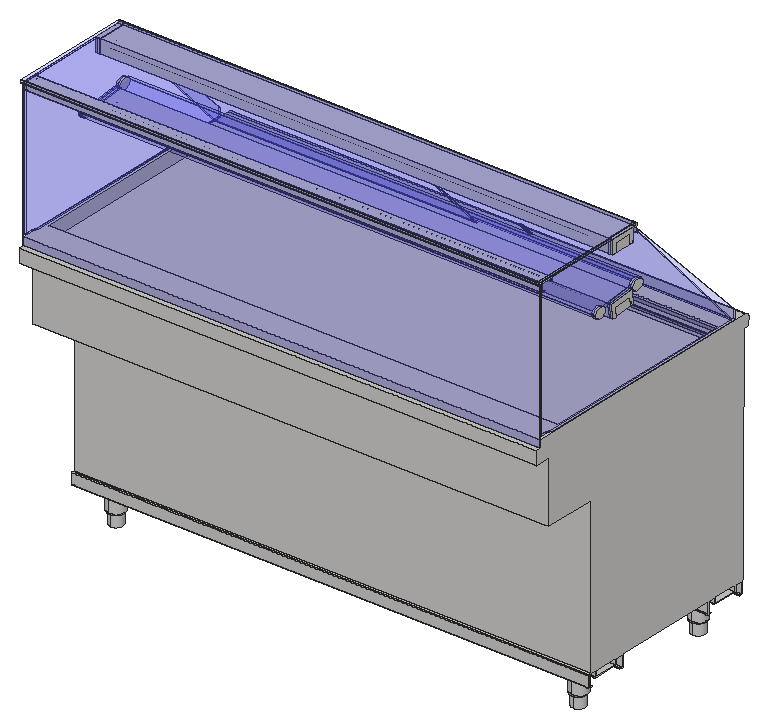
Revit family "Food-Service-Equipment_Oscartek_Gem_S3-DP1700", category Specialty Equipment, Revit 2026
Family settings
  Round Connector Dimension = Use Diameter
  Part Type = Normal
  Classification Number = 23.40.40.11.17
  Work Plane-Based = No
  Enable Cutting in Views = No
  Always vertical = Yes
  Cut with Voids When Loaded = No
  Maintain Annotation Orientation = No
  Shared = No
  Room Calculation Point = No
Parameters
  Width = 67"  # constant formula
  Weight in Pounds = 412
  Watts = Volts * FL Amps  # 1440 W
  Waste Water Discharge Temperature [instance] = -459.67 °F
  Volts = 120 V
  URL Cutsheet = "www.oscartek.com"
  URL = "www.oscartek.com"
  Type Mark [instance] = ""
  Type Comments = "As Specified"
  Test Data = "http://www.oscartek.com/company/clients.php"
  Status [instance] = ""
  Specification by User [instance] = ""
  Specification by Manufacturer = ""
  Specification = "https://www.arcat.com/arcatcos/cos48/arc48760.html"
  Show Clearance [instance] = yes
  Serial Number = ""
  Seismic Rating = ""
  Sales Information = "http://www.oscartek.com/company/contact.php"
  SMACNA No = ""
  Revision Code [instance] = ""
  Revision = "R1_2018-10"
  Refrigerant Type [instance] = "R404A"
  Product Data = "http://www.oscartek.com/support/manuals/"
  Plumbing Remarks [instance] = ""
  Plumbing Connection Type [instance] = ""
  Phase = 1
  Omniclass Number and Title = ""
  Number of Poles [instance] = 1
  NAFEM Spec ID Number = ""
  Model = "GEM S3 DP1700"
  Min Ckt Ampacity = 0 A
  Max Overcurrent Protection = 0 A
  Masterspec = ""
  Manufacturer Website = "http://www.oscartek.com/index.php"
  Manufacturer Phone - Toll Free = "855-885-2400"
  Manufacturer Phone = "650-342-2400"
  Manufacturer Fax = "650-342-7400"
  Manufacturer Address = "361 Beach Rd., Burlingame, CA 94010"
  Manufacturer = "OSCARTEK"
  Light Length = Width - 2"  # 65"
  Item Number [instance] = ""
  Installed By [instance] = ""
  Installation-Fabrication = "http://www.oscartek.com/support/manuals/"
  Indirect Waste Size = 1"
  Indirect Waste Flow [instance] = 0 GPM
  Indirect Waste Connection Type [instance] = ""
  Indirect Waste Connection Height = 0"
  Identify Quantity as Lot [instance] = yes
  HP = ""
  Green Building-LEED = "https://www.arcat.com/green/green_building.shtml"
  Furnished By [instance] = ""
  Foodservice Equipment Identifier [instance] = yes
  FL Amps = 12 A
  Electrical Remarks [instance] = ""
  Electric Connection Type [instance] = ""
  Elec Conn RI Height [instance] = 0"
  Elec Conn Connection Height [instance] = 0"
  Drawn By = "Sumex Design, Inc. / Robert S. Weygant, CSI, CDT, SCIP"
  Description = "GEM S3 DELI/PASTRY SHOWCASE"
  Default Elevation = 0"
  Cycle = 60 Hz
  Copyright = "©Arcat Inc."
  Construction Details = "http://www.oscartek.com/support/manuals/"
  Conn Plug = ""
  Conn Conduit = yes
  Category = ""
  CSI MasterFormat = "11 41 13"
  CSI Master Format = "Refrigerated Food Storage Cases"
  Building Codes = "https://www.arcat.com/arcatcos/cos48/arc48760.html"
  Apparent Power = if(Phase = 3, Volts * FL Amps * 1.73, Volts * FL Amps)  # 1440 VA
Reference planes (in)
  plane 1 "BACK": y = 0
  plane 2: z = 0
  plane 3 "LEFT": x = 0
  plane 4 "RIGHT": x = 67
  plane 5 "FRONT": y = -34.25
  plane 6 "TOP": z = 55.11615
  plane 7 "Center Y": x = 33.5
  plane 8 "Center X": y = -17.125
Forms (in)
  Extrusion 1, solid, material "QF_Finishes_Stainless Steel"
    sketch origin (0, -34.25, 0) x (0, -1, 0) y (0, 0, -1)
      loop
        line (-34.25, -35.07867) -> (-34.25, -36.22827)
        arc (-34.25, -36.22827) -> (-34.12546, -36.52893) -> (-33.8248, -36.65347) r 0.4252
        line (-33.8248, -36.65347) -> (-30.11654, -36.65347) -> (-30.11654, -36.27119) -> (-31.4941, -34.89363) -> (-31.4941, -27.60554) -> (-30.11654, -27.62525) -> (-30.11654, -34.38787) -> (-29.6155, -34.88891) -> (-5.14997, -34.88891) -> (-5.14997, -35.23261) -> (-3.97447, -35.23261) -> (-3.97447, -36.65347) -> (-0.62822, -36.65347) -> (-0.62822, -35.63992) -> (0, -35.63992) -> (0, -33.87788) -> (-1.9666, -33.87788) -> (-1.9666, -25.9842) -> (-8.77761, -25.9842) -> (-8.77761, -5.9055) -> (-8.45084, -5.9055)
        arc (-8.45084, -5.9055) -> (-8.40351, -5.8859) -> (-8.38391, -5.83857) r 0.06693
        line (-8.38391, -5.83857) -> (-8.38391, -4.44094)
        arc (-8.38391, -4.44094) -> (-8.40351, -4.39361) -> (-8.45084, -4.37401) r 0.06693
        line (-8.45084, -4.37401) -> (-8.80517, -4.37401) -> (-8.80517, -4.43306) -> (-8.44297, -4.43306) -> (-8.44297, -5.84644) -> (-9.46265, -5.84644) -> (-9.46265, -5.16928)
        arc (-9.46265, -5.16928) -> (-9.48225, -5.12196) -> (-9.52958, -5.10235) r 0.06693
        line (-9.52958, -5.10235) -> (-12.75004, -5.10235)
        arc (-12.75004, -5.10235) -> (-12.79737, -5.12196) -> (-12.81697, -5.16928) r 0.06693
        line (-12.81697, -5.16928) -> (-12.81697, -5.84644) -> (-13.83666, -5.84644) -> (-13.83666, -4.43306) -> (-13.47445, -4.43306) -> (-13.47445, -4.37401) -> (-13.82878, -4.37401)
        arc (-13.82878, -4.37401) -> (-13.87611, -4.39361) -> (-13.89571, -4.44094) r 0.06693
        line (-13.89571, -4.44094) -> (-13.89571, -5.9055) -> (-27.75395, -5.9055) -> (-27.75395, -4.44094)
        arc (-27.75395, -4.44094) -> (-27.77355, -4.39361) -> (-27.82088, -4.37401) r 0.06693
        line (-27.82088, -4.37401) -> (-28.17521, -4.37401) -> (-28.17521, -4.43306) -> (-27.81301, -4.43306) -> (-27.81301, -5.84644) -> (-28.83269, -5.84644) -> (-28.83269, -5.16928)
        arc (-28.83269, -5.16928) -> (-28.85229, -5.12196) -> (-28.89962, -5.10235) r 0.06693
        line (-28.89962, -5.10235) -> (-32.12008, -5.10235)
        arc (-32.12008, -5.10235) -> (-32.16741, -5.12196) -> (-32.18701, -5.16928) r 0.06693
        line (-32.18701, -5.16928) -> (-32.18701, -5.84644) -> (-33.2067, -5.84644) -> (-33.2067, -4.43306) -> (-32.84449, -4.43306) -> (-32.84449, -4.37401) -> (-33.26575, -4.37401) -> (-33.26575, -5.9055) -> (-33.38386, -5.9055) -> (-33.38386, -25.9842) -> (-33.4626, -25.9842) -> (-33.4626, -35.07867) -> (-34.25, -35.07867)
      loop
        line (-30.02982, -35.3543) -> (-29.95954, -35.28403) -> (-30.70374, -34.53983) -> (-30.70374, -32.90598) -> (-30.76997, -32.90598) -> (-30.76997, -34.61415) -> (-30.02982, -35.3543)
      loop
        line (-9.52958, -5.16928) -> (-12.75649, -5.16928) -> (-12.75649, -5.9055) -> (-9.52958, -5.9055) -> (-9.52958, -5.16928)
      loop
        line (-28.89962, -5.16928) -> (-32.13207, -5.16928) -> (-32.13207, -5.9055) -> (-28.89962, -5.9055) -> (-28.89962, -5.16928)
    from 0 to 67
  Extrusion 2, solid, material "QF_Finishes_Stainless Steel"
    sketch origin (0, -34.25, 0) x (0, -1, 0) y (0, 0, -1)
      loop
        line (-34.25, -35.07867) -> (-34.25, -36.22827)
        arc (-34.25, -36.22827) -> (-34.12546, -36.52893) -> (-33.8248, -36.65347) r 0.4252
        line (-33.8248, -36.65347) -> (-0.62822, -36.65347) -> (-0.62822, -35.63992) -> (0, -35.63992) -> (0, -33.87788) -> (-1.9666, -33.87788) -> (-1.9666, -25.9842) -> (-33.4626, -25.9842) -> (-33.4626, -35.07867) -> (-34.25, -35.07867)
      loop
        line (-14.13014, -52.97245) -> (-15.43488, -52.97245) -> (-15.43488, -53.33662) -> (-15.51362, -53.33662) -> (-15.51362, -54.62161) -> (-16.09968, -54.62161) -> (-16.09968, -55.03502) -> (-15.98252, -55.03502) -> (-15.98252, -54.72245) -> (-12.27709, -54.72245) -> (-12.27709, -52.97245) -> (-14.13014, -52.97245)
      loop
        line (-15.58432, -45.80025) -> (-15.40139, -47.54067) -> (-12.17303, -47.20135) -> (-12.35596, -45.46094) -> (-15.58432, -45.80025)
      loop
        spline (-9.50933, -47.00051) -> (-9.55186, -46.8513) -> (-9.64458, -46.71785) -> (-9.78117, -46.60924) -> (-9.95232, -46.53288) -> (-10.14637, -46.49397) -> (-10.3501, -46.49516) -> (-10.54961, -46.53637) -> (-10.73132, -46.6148) -> (-10.88284, -46.7251) -> (-10.99385, -46.85975) -> (-11.05678, -47.00957) -> (-11.06734, -47.16436)
        spline (-11.06734, -47.16436) -> (-11.02481, -47.31357) -> (-10.93209, -47.44702) -> (-10.7955, -47.55563) -> (-10.62435, -47.63199) -> (-10.4303, -47.67091) -> (-10.22657, -47.66971) -> (-10.02706, -47.6285) -> (-9.84535, -47.55007) -> (-9.69382, -47.43977) -> (-9.58282, -47.30513) -> (-9.51989, -47.1553) -> (-9.50933, -47.00051)
      loop
        spline (-15.57825, -47.63838) -> (-15.62078, -47.48917) -> (-15.7135, -47.35572) -> (-15.85009, -47.24711) -> (-16.02124, -47.17075) -> (-16.21529, -47.13183) -> (-16.41902, -47.13303) -> (-16.61853, -47.17424) -> (-16.80024, -47.25267) -> (-16.95177, -47.36297) -> (-17.06277, -47.49761) -> (-17.1257, -47.64744) -> (-17.13626, -47.80223)
        spline (-17.13626, -47.80223) -> (-17.09373, -47.95144) -> (-17.00101, -48.08489) -> (-16.86442, -48.1935) -> (-16.69327, -48.26986) -> (-16.49922, -48.30877) -> (-16.29549, -48.30758) -> (-16.09598, -48.26637) -> (-15.91427, -48.18794) -> (-15.76274, -48.07764) -> (-15.65174, -47.94299) -> (-15.58881, -47.79317) -> (-15.57825, -47.63838)
    from 0 to 0.5
  Extrusion 3, solid, material "QF_Finishes_Stainless Steel"
    sketch origin (67, 0, 0) x (0, -1, 0) y (0, 0, -1)
      loop
        line (0, -35.07867) -> (0, -36.22827)
        arc (0, -36.22827) -> (0.12454, -36.52893) -> (0.4252, -36.65347) r 0.4252
        line (0.4252, -36.65347) -> (33.62178, -36.65347) -> (33.62178, -35.59702) -> (34.25, -35.59702) -> (34.25, -33.87788) -> (32.2834, -33.87788) -> (32.2834, -25.9842) -> (0.7874, -25.9842) -> (0.7874, -35.07867) -> (0, -35.07867)
      loop
        line (21.97291, -52.97245) -> (20.11986, -52.97245) -> (18.73638, -52.97245) -> (18.73638, -54.62161) -> (18.15032, -54.62161) -> (18.15032, -55.03502) -> (18.26748, -55.03502) -> (18.26748, -54.72245) -> (21.97291, -54.72245) -> (21.97291, -52.97245)
      loop
        spline (23.18266, -47.16436) -> (23.22519, -47.31357) -> (23.31791, -47.44702) -> (23.4545, -47.55563) -> (23.62565, -47.63199) -> (23.8197, -47.67091) -> (24.02343, -47.66971) -> (24.22294, -47.6285) -> (24.40465, -47.55007) -> (24.55618, -47.43977) -> (24.66718, -47.30513) -> (24.73011, -47.1553) -> (24.74067, -47.00051)
        spline (24.74067, -47.00051) -> (24.69814, -46.8513) -> (24.60542, -46.71785) -> (24.46883, -46.60924) -> (24.29768, -46.53288) -> (24.10363, -46.49397) -> (23.8999, -46.49516) -> (23.70039, -46.53637) -> (23.51868, -46.6148) -> (23.36716, -46.7251) -> (23.25615, -46.85975) -> (23.19322, -47.00957) -> (23.18266, -47.16436)
      loop
        spline (17.11374, -47.80223) -> (17.15627, -47.95144) -> (17.24899, -48.08489) -> (17.38558, -48.1935) -> (17.55673, -48.26986) -> (17.75078, -48.30877) -> (17.95451, -48.30758) -> (18.15402, -48.26637) -> (18.33573, -48.18794) -> (18.48726, -48.07764) -> (18.59826, -47.94299) -> (18.66119, -47.79317) -> (18.67175, -47.63838)
        spline (18.67175, -47.63838) -> (18.62922, -47.48917) -> (18.5365, -47.35572) -> (18.39991, -47.24711) -> (18.22876, -47.17075) -> (18.03471, -47.13183) -> (17.83098, -47.13303) -> (17.63147, -47.17424) -> (17.44976, -47.25267) -> (17.29823, -47.36297) -> (17.18723, -47.49761) -> (17.1243, -47.64744) -> (17.11374, -47.80223)
      loop
        line (18.84861, -47.54067) -> (22.07697, -47.20135) -> (21.89404, -45.46094) -> (18.66568, -45.80025) -> (18.84861, -47.54067)
    from 0 to -0.5
  Revolve 4, solid, material "QF_Finishes_Stainless Steel"
    sketch origin (3.5, -34.25, 0) x (0, -1, 0) y (0, 0, -1)
      loop
        line (-11.13981, 0) -> (-11.13981, -5.10235) -> (-10.03745, -5.10235) -> (-10.03745, -1.62983)
        arc (-10.03745, -1.62983) -> (-10.08124, -1.5241) -> (-10.18697, -1.48031) r 0.14952
        line (-10.18697, -1.48031) -> (-10.27367, -1.48031) -> (-10.27367, 0) -> (-11.13981, 0)
      axis (-11.13981, -5.10235) -> (-11.13981, 0)
    angle from 0 to 360
  Revolve 5, solid, material "QF_Finishes_Stainless Steel"
    sketch origin (3.5, -14.87996, 0) x (0, -1, 0) y (0, 0, -1)
      loop
        line (-11.13981, 0) -> (-11.13981, -5.10235) -> (-10.03745, -5.10235) -> (-10.03745, -1.62983)
        arc (-10.03745, -1.62983) -> (-10.08124, -1.5241) -> (-10.18697, -1.48031) r 0.14952
        line (-10.18697, -1.48031) -> (-10.27367, -1.48031) -> (-10.27367, 0) -> (-11.13981, 0)
      axis (-11.13981, -5.10235) -> (-11.13981, 0)
    angle from 0 to 360
  Revolve 6, solid, material "QF_Finishes_Stainless Steel"
    sketch origin (63.5, -34.25, 0) x (0, -1, 0) y (0, 0, 1)
      loop
        line (-11.13981, 0) -> (-10.27367, 0) -> (-10.27367, 1.48031) -> (-10.18697, 1.48031)
        arc (-10.18697, 1.48031) -> (-10.08124, 1.5241) -> (-10.03745, 1.62983) r 0.14952
        line (-10.03745, 1.62983) -> (-10.03745, 5.10235) -> (-11.13981, 5.10235) -> (-11.13981, 0)
      axis (-11.13981, 5.10235) -> (-11.13981, 0)
    angle from 0 to 360
  Revolve 7, solid, material "QF_Finishes_Stainless Steel"
    sketch origin (63.5, -14.87996, 0) x (0, -1, 0) y (0, 0, 1)
      loop
        line (-11.13981, 0) -> (-10.27367, 0) -> (-10.27367, 1.48031) -> (-10.18697, 1.48031)
        arc (-10.18697, 1.48031) -> (-10.08124, 1.5241) -> (-10.03745, 1.62983) r 0.14952
        line (-10.03745, 1.62983) -> (-10.03745, 5.10235) -> (-11.13981, 5.10235) -> (-11.13981, 0)
      axis (-11.13981, 5.10235) -> (-11.13981, 0)
    angle from 0 to 360
  Extrusion 8, solid, material "Glass"
    sketch origin (0, -34.25, 0) x (0, -1, 0) y (0, 0, -1)
      loop
        line (-0.03767, -54.72245) -> (-15.98252, -54.72245) -> (-15.98252, -55.11615) -> (-0.03767, -55.11615) -> (-0.03767, -54.72245)
      loop
        line (-0.62822, -35.6661) -> (-0.62822, -54.5256) -> (-0.392, -54.5256) -> (-0.392, -35.6661) -> (-0.62822, -35.6661)
    from 0 to 67
  Extrusion 9, solid, material "Glass"
    sketch origin (0, -34.25, 0) x (0, -1, 0) y (0, 0, -1)
      loop
        arc (-0.75014, -36.92906) -> (-0.7732, -36.87338) -> (-0.82888, -36.85032) r 0.07874
        line (-0.82888, -36.85032) -> (-1.63877, -36.85032)
        arc (-1.63877, -36.85032) -> (-2.14064, -36.80062) -> (-2.62302, -36.65347) r 2.55905
        line (-2.62302, -36.65347) -> (-32.24631, -36.65347) -> (-32.24631, -37.83457) -> (-16.00137, -54.62161) -> (-15.51362, -54.62161) -> (-15.51362, -53.33662) -> (-15.43488, -53.33662) -> (-15.43488, -52.97245) -> (-14.13014, -52.97245) -> (-12.27709, -52.97245) -> (-12.27709, -54.72245) -> (-0.75014, -54.72245) -> (-0.75014, -36.92906)
      loop
        spline (-9.50933, -47.00051) -> (-9.55186, -46.8513) -> (-9.64458, -46.71785) -> (-9.78117, -46.60924) -> (-9.95232, -46.53288) -> (-10.14637, -46.49397) -> (-10.3501, -46.49516) -> (-10.54961, -46.53637) -> (-10.73132, -46.6148) -> (-10.88284, -46.7251) -> (-10.99385, -46.85975) -> (-11.05678, -47.00957) -> (-11.06734, -47.16436)
        spline (-11.06734, -47.16436) -> (-11.02481, -47.31357) -> (-10.93209, -47.44702) -> (-10.7955, -47.55563) -> (-10.62435, -47.63199) -> (-10.4303, -47.67091) -> (-10.22657, -47.66971) -> (-10.02706, -47.6285) -> (-9.84535, -47.55007) -> (-9.69382, -47.43977) -> (-9.58282, -47.30513) -> (-9.51989, -47.1553) -> (-9.50933, -47.00051)
      loop
        spline (-15.57825, -47.63838) -> (-15.62078, -47.48917) -> (-15.7135, -47.35572) -> (-15.85009, -47.24711) -> (-16.02124, -47.17075) -> (-16.21529, -47.13183) -> (-16.41902, -47.13303) -> (-16.61853, -47.17424) -> (-16.80024, -47.25267) -> (-16.95177, -47.36297) -> (-17.06277, -47.49761) -> (-17.1257, -47.64744) -> (-17.13626, -47.80223)
        spline (-17.13626, -47.80223) -> (-17.09373, -47.95144) -> (-17.00101, -48.08489) -> (-16.86442, -48.1935) -> (-16.69327, -48.26986) -> (-16.49922, -48.30877) -> (-16.29549, -48.30758) -> (-16.09598, -48.26637) -> (-15.91427, -48.18794) -> (-15.76274, -48.07764) -> (-15.65174, -47.94299) -> (-15.58881, -47.79317) -> (-15.57825, -47.63838)
      loop
        line (-15.58432, -45.80025) -> (-15.40139, -47.54067) -> (-12.17303, -47.20135) -> (-12.35596, -45.46094) -> (-15.58432, -45.80025)
    from 0 to 0.25
  Extrusion 10, solid, material "Glass"
    sketch origin (67, 0, 0) x (0, -1, 0) y (0, 0, -1)
      loop
        arc (33.49986, -36.92906) -> (33.4768, -36.87338) -> (33.42112, -36.85032) r 0.07874
        line (33.42112, -36.85032) -> (32.61123, -36.85032)
        arc (32.61123, -36.85032) -> (32.10936, -36.80062) -> (31.62698, -36.65347) r 2.55905
        line (31.62698, -36.65347) -> (2.00369, -36.65347) -> (2.00369, -37.83457) -> (18.24863, -54.62161) -> (18.73638, -54.62161) -> (18.73638, -52.97245) -> (20.11986, -52.97245) -> (21.97291, -52.97245) -> (21.97291, -54.72245) -> (33.49986, -54.72245) -> (33.49986, -36.92906)
      loop
        spline (18.67175, -47.63838) -> (18.62922, -47.48917) -> (18.5365, -47.35572) -> (18.39991, -47.24711) -> (18.22876, -47.17075) -> (18.03471, -47.13183) -> (17.83098, -47.13303) -> (17.63147, -47.17424) -> (17.44976, -47.25267) -> (17.29823, -47.36297) -> (17.18723, -47.49761) -> (17.1243, -47.64744) -> (17.11374, -47.80223)
        spline (17.11374, -47.80223) -> (17.15627, -47.95144) -> (17.24899, -48.08489) -> (17.38558, -48.1935) -> (17.55673, -48.26986) -> (17.75078, -48.30877) -> (17.95451, -48.30758) -> (18.15402, -48.26637) -> (18.33573, -48.18794) -> (18.48726, -48.07764) -> (18.59826, -47.94299) -> (18.66119, -47.79317) -> (18.67175, -47.63838)
      loop
        spline (24.74067, -47.00051) -> (24.69814, -46.8513) -> (24.60542, -46.71785) -> (24.46883, -46.60924) -> (24.29768, -46.53288) -> (24.10363, -46.49397) -> (23.8999, -46.49516) -> (23.70039, -46.53637) -> (23.51868, -46.6148) -> (23.36716, -46.7251) -> (23.25615, -46.85975) -> (23.19322, -47.00957) -> (23.18266, -47.16436)
        spline (23.18266, -47.16436) -> (23.22519, -47.31357) -> (23.31791, -47.44702) -> (23.4545, -47.55563) -> (23.62565, -47.63199) -> (23.8197, -47.67091) -> (24.02343, -47.66971) -> (24.22294, -47.6285) -> (24.40465, -47.55007) -> (24.55618, -47.43977) -> (24.66718, -47.30513) -> (24.73011, -47.1553) -> (24.74067, -47.00051)
      loop
        line (18.66568, -45.80025) -> (18.84861, -47.54067) -> (22.07697, -47.20135) -> (21.89404, -45.46094) -> (18.66568, -45.80025)
    from 0 to -0.25
  Extrusion 11, solid, material "QF_Finishes_Stainless Steel"
    sketch origin (0, -34.25, 0) x (0, -1, 0) y (0, 0, -1)
      loop
        line (-12.27709, -54.72245) -> (-12.27709, -52.97245) -> (-12.70421, -52.97245) -> (-12.70421, -54.15508) -> (-15.08273, -54.15508) -> (-15.08273, -52.97245) -> (-15.43488, -52.97245) -> (-15.43488, -53.33662) -> (-15.51362, -53.33662) -> (-15.51362, -54.62161) -> (-16.09968, -54.62161) -> (-16.09968, -55.03502) -> (-15.98252, -55.03502) -> (-15.98252, -54.72245) -> (-12.27709, -54.72245)
      loop
        line (-0.78163, -54.69096) -> (-2.41163, -54.69096) -> (-2.41037, -54.56497) -> (-2.37612, -54.56497) -> (-2.37612, -54.28937)
        arc (-2.37612, -54.28937) -> (-2.40958, -54.25591) -> (-2.44305, -54.28937) r 0.03346
        line (-2.44305, -54.28937) -> (-2.44305, -54.68306)
        arc (-2.44305, -54.68306) -> (-2.43152, -54.7109) -> (-2.40368, -54.72243) r 0.03937
        line (-2.40368, -54.72243) -> (-0.78955, -54.72242)
        arc (-0.78955, -54.72242) -> (-0.76175, -54.7109) -> (-0.75023, -54.6831) r 0.03932
        line (-0.75023, -54.6831) -> (-0.75023, -53.65897)
        arc (-0.75023, -53.65897) -> (-0.7617, -53.63128) -> (-0.7894, -53.6198) r 0.03917
        line (-0.7894, -53.6198) -> (-1.18322, -53.6198)
        arc (-1.18322, -53.6198) -> (-1.21682, -53.6534) -> (-1.18322, -53.687) r 0.0336
        line (-1.18322, -53.687) -> (-0.90762, -53.687) -> (-0.90762, -53.65157) -> (-0.78163, -53.65157) -> (-0.78163, -54.69096)
      loop
        line (-15.40139, -47.54067) -> (-12.17303, -47.20135) -> (-12.35596, -45.46094) -> (-12.73216, -45.50048) -> (-12.60951, -46.66747) -> (-15.02765, -46.92163) -> (-15.1503, -45.75464) -> (-15.58432, -45.80025) -> (-15.40139, -47.54067)
    from 0 to 67
  Extrusion 12, solid, material "QF_Finishes_Stainless Steel"
    sketch origin (0, -3.2874, 25.9842) x (1, 0, 0) y (0, -1, 0)
      loop
        circle (3.94724, 1.49443) r 0.64961
    from 0 to 1
  Extrusion 13, solid, material "QF_Finishes_Door Clearance", visible <- "Show Clearance", detail levels coarse
    sketch origin (0, -34.25, 0) x (0, -1, 0) y (0, 0, -1)
      loop
        arc (-0.392, -54.5256) -> (12.94368, -49.00178) -> (18.4675, -35.6661) r 18.8595
        line (18.4675, -35.6661) -> (-0.392, -35.6661) -> (-0.392, -54.5256)
    from 0 to 67
  Extrusion 14, solid, material "Glass"
    sketch origin (0, -34.25, 0) x (0, -1, 0) y (0, 0, -1)
      loop
        line (-17.30317, -48.13642) -> (-9.27654, -47.29279) -> (-9.31769, -46.90124) -> (-17.34433, -47.74488) -> (-17.30317, -48.13642)
    from 0.25 to 66.75
  Extrusion 15, solid, material "QF_Finishes_Stainless Steel"
    sketch origin (0, -0.86614, 6.1555) x (0, 0, 1) y (1, 0, 0)
      loop
        line (18.79407, 59.85524) -> (17.29407, 59.85524) -> (17.29407, 53.35524) -> (18.79407, 53.35524) -> (18.79407, 59.85524)
    from 0 to 1
  Extrusion 16, solid, material "QF_Finishes_Black"
    sketch origin (0, -0.86614, 6.1555) x (0, 0, 1) y (1, 0, 0)
      loop
        line (11.19901, 62.31988) -> (0.44901, 62.31988) -> (0.44901, 60.31988) -> (11.19901, 60.31988) -> (11.19901, 62.31988)
      loop
        line (11.19901, 59.81988) -> (0.44901, 59.81988) -> (0.44901, 57.81988) -> (11.19901, 57.81988) -> (11.19901, 59.81988)
      loop
        line (11.19901, 57.31988) -> (0.44901, 57.31988) -> (0.44901, 55.31988) -> (11.19901, 55.31988) -> (11.19901, 57.31988)
      loop
        line (0.44901, 54.81988) -> (0.44901, 52.81988) -> (9.19901, 52.81988) -> (11.19901, 54.81988) -> (0.44901, 54.81988)
      loop
        line (0.44901, 52.31988) -> (0.44901, 50.31988) -> (6.69901, 50.31988) -> (8.69901, 52.31988) -> (0.44901, 52.31988)
    from 0 to 0.0625
  Extrusion 17, solid, material "Glass"
    sketch origin (0, 0, 0) x (0, -1, 0) y (0, 0, 1)
      loop
        line (2.97549, 36.65347) -> (18.29008, 53.33431) -> (18.17408, 53.44082) -> (2.85949, 36.75997) -> (2.97549, 36.65347)
    from -0.25 to -34.15234
  Extrusion 18, solid, material "Glass"
    sketch origin (67, -34.25, 0) x (0, -1, 0) y (0, 0, 1)
      loop
        line (-31.85093, 36.65347) -> (-16.25921, 53.99541) -> (-16.37632, 54.1007) -> (-31.96803, 36.75876) -> (-31.85093, 36.65347)
    from 0.25 to 34.03125
  Extrusion 19, solid, material "QF_Finishes_Stainless Steel"
    sketch origin (81.35646, -17.87368, 54.1007) x (0, 0.668585, -0.743636) y (-1, 0, 0)
      loop
        line (18.55249, 39.10646) -> (20.30249, 39.10646)
        arc (20.30249, 39.10646) -> (20.55249, 39.35646) -> (20.30249, 39.60646) r 0.25
        line (20.30249, 39.60646) -> (18.55249, 39.60646)
        arc (18.55249, 39.60646) -> (18.30249, 39.35646) -> (18.55249, 39.10646) r 0.25
      loop
        line (20.30249, 39.48146) -> (18.55249, 39.48146)
        arc (18.55249, 39.48146) -> (18.42749, 39.35646) -> (18.55249, 39.23146) r 0.125
        line (18.55249, 39.23146) -> (20.30249, 39.23146)
        arc (20.30249, 39.23146) -> (20.42749, 39.35646) -> (20.30249, 39.48146) r 0.125
    from 0 to 0.0625
  Extrusion 20, solid, material "QF_Finishes_Stainless Steel"
    sketch origin (67, -34.25, 0) x (0, -1, 0) y (0, 0, 1)
      loop
        line (-16.37632, 54.1007) -> (-16.25921, 53.99541) -> (-16.65149, 53.5591) -> (-16.61101, 53.51862) -> (-16.15991, 54.00996) -> (-15.51362, 54.00996) -> (-15.51362, 54.42901) -> (-16.12414, 54.42901) -> (-16.82645, 53.72671) -> (-16.76648, 53.66674) -> (-16.37632, 54.1007)
    from 0.25 to 34.03125
  Extrusion 21, solid, material "QF_Finishes_Stainless Steel"
    sketch origin (0, 0, 0) x (0, -1, 0) y (0, 0, 1)
      loop
        line (18.73638, 53.33662) -> (18.73638, 53.75759) -> (18.35203, 53.75759) -> (17.72776, 53.06325) -> (17.77973, 53.01129) -> (18.17408, 53.44082) -> (18.29008, 53.33431) -> (17.88305, 52.89097) -> (17.93526, 52.84403) -> (18.42785, 53.33662) -> (18.73638, 53.33662)
    from -0.25 to -34.15234
Cuts and joins
  joined: Extrusion 1, Extrusion 2, Extrusion 3
Lines and regions (in)
  Split face 1
    outline origin (0, 0.13386, 6.1555) x (0, 0, 1) y (1, 0, 0)
      loop
        line (18.5658, 59.55584) -> (17.5658, 59.55584) -> (17.5658, 53.80584) -> (18.5658, 53.80584) -> (18.5658, 59.55584)
  symbolic lines
    curve 1: line (0, -34.25, 0) -> (67, -34.25, 0)
    curve 2: line (0, 0, 0) -> (0, -34.25, 0)
    curve 3: line (67, 0, 0) -> (0, 0, 0)
    curve 4: line (67, -34.25, 0) -> (67, 0, 0)
    curve 5: line (0, -18.26748, 0) -> (67, -18.26748, 0)
    curve 6: line (0, -18.15032, 0) -> (67, -18.15032, 0)
    curve 7: line (0, -2.00369, 0) -> (0.25, -2.00369, 0)
    curve 8: line (0.25, -2.00369, 0) -> (0.25, -18.15032, 0)
    curve 9: line (0.25, -2.85949, 0) -> (32.96875, -2.85949, 0)
    curve 10: line (32.96875, -2.28197, 0) -> (32.96875, -18.15032, 0)
    curve 11: line (32.96875, -2.28197, 0) -> (66.75, -2.28197, 0)
    curve 12: line (66.75, -18.15032, 0) -> (66.75, -2.00369, 0)
    curve 13: line (66.75, -2.00369, 0) -> (67, -2.00369, 0)
    curve 14: line (32.96875, -17.72776, 0) -> (66.75, -17.72776, 0)
    curve 15: line (0.25, -17.42355, 0) -> (32.96875, -17.42355, 0)
    curve 34: line (41.75, -4.25327, 0) -> (41.75, -5.42329, 0)
    curve 35: spline (41.75, -5.42329, 0) -> (41.75852, -5.46655, 0) -> (41.78349, -5.50686, 0) -> (41.82322, -5.54148, 0) -> (41.875, -5.56804, 0) -> (41.9353, -5.58474, 0) -> (42, -5.59044, 0) -> (42.0647, -5.58474, 0) -> (42.125, -5.56804, 0) -> (42.17678, -5.54148, 0) -> (42.21651, -5.50686, 0) -> (42.24148, -5.46655, 0) -> (42.25, -5.42329, 0)
    curve 36: line (42.25, -5.42329, 0) -> (42.25, -4.25327, 0)
    curve 37: spline (42.25, -4.25327, 0) -> (42.24148, -4.21001, 0) -> (42.21651, -4.16969, 0) -> (42.17678, -4.13508, 0) -> (42.125, -4.10852, 0) -> (42.0647, -4.09182, 0) -> (42, -4.08612, 0) -> (41.9353, -4.09182, 0) -> (41.875, -4.10852, 0) -> (41.82322, -4.13508, 0) -> (41.78349, -4.16969, 0) -> (41.75852, -4.21001, 0) -> (41.75, -4.25327, 0)
    curve 38: line (41.875, -5.42329, 0) -> (41.875, -4.25327, 0)
    curve 39: spline (41.875, -4.25327, 0) -> (41.87926, -4.23164, 0) -> (41.89175, -4.21148, 0) -> (41.91161, -4.19417, 0) -> (41.9375, -4.18089, 0) -> (41.96765, -4.17254, 0) -> (42, -4.16969, 0) -> (42.03235, -4.17254, 0) -> (42.0625, -4.18089, 0) -> (42.08839, -4.19417, 0) -> (42.10825, -4.21148, 0) -> (42.12074, -4.23164, 0) -> (42.125, -4.25327, 0)
    curve 40: line (42.125, -4.25327, 0) -> (42.125, -5.42329, 0)
    curve 41: spline (42.125, -5.42329, 0) -> (42.12074, -5.44492, 0) -> (42.10825, -5.46508, 0) -> (42.08839, -5.48239, 0) -> (42.0625, -5.49567, 0) -> (42.03235, -5.50402, 0) -> (42, -5.50686, 0) -> (41.96765, -5.50402, 0) -> (41.9375, -5.49567, 0) -> (41.91161, -5.48239, 0) -> (41.89175, -5.46508, 0) -> (41.87926, -5.44492, 0) -> (41.875, -5.42329, 0)
  symbolic lines, style "QF-Door Swings"
    curve 16: line (67, -52.7175, 0) -> (0, -52.7175, 0)
    curve 17: line (0, -52.7175, 0) -> (0, -34.25, 0)
    curve 18: line (67, -34.25, 0) -> (67, -52.7175, 0)
  symbolic lines, style "QF-Surface Details"
    curve 19: line (16.76374, -24.24812, 0) -> (13.58176, -27.4301, 0)
    curve 20: line (17.09421, -22.80744, 0) -> (12.14446, -27.75719, 0)
    curve 21: line (15.50153, -22.98591, 0) -> (12.14277, -26.34467, 0)
    curve 22: line (16.76374, -9.24812, 0) -> (13.58176, -12.4301, 0)
    curve 23: line (17.09421, -7.80744, 0) -> (12.14446, -12.75719, 0)
    curve 24: line (15.50153, -7.98591, 0) -> (12.14277, -11.34467, 0)
    curve 25: line (53.13874, -24.24812, 0) -> (49.95676, -27.4301, 0)
    curve 26: line (53.46921, -22.80744, 0) -> (48.51946, -27.75719, 0)
    curve 27: line (51.87653, -22.98591, 0) -> (48.51777, -26.34467, 0)
    curve 28: line (53.13874, -9.24812, 0) -> (49.95676, -12.4301, 0)
    curve 29: line (53.46921, -7.80744, 0) -> (48.51946, -12.75719, 0)
    curve 30: line (51.87653, -7.98591, 0) -> (48.51777, -11.34467, 0)
    curve 31: line (35.64441, -24.24812, 0) -> (32.46243, -27.4301, 0)
    curve 32: line (35.97487, -22.80744, 0) -> (31.02513, -27.75719, 0)
    curve 33: line (34.38219, -22.98591, 0) -> (31.02344, -26.34467, 0)
Dimensions and locks (in)
  equal spacing: plane 3 "LEFT", plane 7 "Center Y", plane 4 "RIGHT"
  "Width": plane 3 "LEFT" to plane 4 "RIGHT"
  equal spacing: plane 5 "FRONT", plane 8 "Center X", plane 1 "BACK"
  plane 5 "FRONT" to plane 1 "BACK" = 34 1/4"
  plane 6 "TOP" to level = 55.11615"
  locked: Revolve 6 to plane 4 "RIGHT" at 3.5
  locked: Revolve 7 to plane 4 "RIGHT" at 3.5
  locked: plane 4 "RIGHT" to Extrusion 14 at 0.25
  aligned and locked: level to plane 2
  aligned and locked: plane 7 "Center Y" to nested 1
  aligned and locked: Extrusion 8 to plane 4 "RIGHT"
  aligned and locked: Extrusion 11 to plane 4 "RIGHT"
  aligned and locked: Extrusion 1 to plane 4 "RIGHT"
  aligned and locked: Extrusion 13 to plane 4 "RIGHT"
Automatic sketch dimensions
  curve 1 to plane 3 "LEFT" = 0"
  curve 18 to plane 4 "RIGHT" = 0"
  plane 5 "FRONT" to curve 2 = 0"
  plane 1 "BACK" to curve 3 = 0"
  curve 7 to curve 8 = 1/4"
  plane 3 "LEFT" to curve 21 = 12.14277"
  plane 8 "Center X" to curve 24 = 5.78033"
  plane 3 "LEFT" to curve 24 = 12.14277"
  curve 21 to curve 20 = 0.00169"
  plane 8 "Center X" to curve 23 = 4.36781"
  curve 24 to curve 23 = 0.00169"
  plane 8 "Center X" to curve 22 = 4.6949"
  curve 23 to curve 22 = 1.4373"
  curve 20 to curve 19 = 1.4373"
  curve 24 to curve 24 = 3.35876"
  curve 21 to plane 8 "Center X" = 5.86091"
  curve 21 to curve 21 = 3.35876"
  curve 19 to plane 8 "Center X" = 7.12312"
  curve 21 to curve 19 = 1.26221"
  plane 8 "Center X" to curve 22 = 7.87688"
  curve 24 to curve 22 = 1.26221"
  curve 20 to plane 8 "Center X" = 5.68244"
  curve 19 to curve 20 = 0.33047"
  plane 1 "BACK" to curve 23 = 7.80744"
  curve 22 to curve 23 = 0.33047"
  curve 33 to plane 7 "Center Y" = 2 61/128"
  curve 33 to curve 32 = 0.00169"
  curve 31 to plane 7 "Center Y" = 1.03757"
  curve 9 to plane 7 "Center Y" = 17/32"
  plane 7 "Center Y" to curve 33 = 0.88219"
  curve 33 to curve 31 = 1.26221"
  curve 31 to curve 32 = 0.33047"
  plane 7 "Center Y" to curve 35 = 8 1/4"
  curve 34 to curve 39 = 1/8"
  curve 41 to curve 35 = 1/8"
  curve 41 to curve 35 = 0"
  plane 8 "Center X" to curve 30 = 5.78033"
  curve 35 to curve 30 = 6.26777"
  curve 32 to curve 27 = 12.5429"
  curve 26 to plane 5 "FRONT" = 6.49281"
  curve 27 to curve 26 = 0.00169"
  plane 8 "Center X" to curve 29 = 4.36781"
  curve 30 to curve 29 = 0.00169"
  curve 25 to plane 5 "FRONT" = 6.8199"
  curve 26 to curve 25 = 1.4373"
  plane 8 "Center X" to curve 28 = 4.6949"
  curve 29 to curve 28 = 1.4373"
  curve 27 to plane 8 "Center X" = 5.86091"
  curve 27 to curve 27 = 3.35876"
  curve 30 to curve 30 = 3.35876"
  curve 30 to curve 28 = 1.26221"
  curve 27 to curve 25 = 1.26221"
  curve 28 to curve 29 = 0.33047"
  curve 26 to plane 8 "Center X" = 5.68244"
  curve 25 to curve 26 = 0.33047"
  curve 11 to plane 4 "RIGHT" = 1/4"
  curve 16 to curve 1 = 18.4675"
  curve 32 to plane 5 "FRONT" = 6.49281"
  curve 20 to curve 19 = 3.50907"
  curve 20 to curve 19 = 0.32709"
  curve 32 to curve 31 = 0.32709"
  curve 26 to curve 27 = 1.41252"
  curve 32 to curve 33 = 1.41252"
  curve 20 to curve 21 = 1.41252"
  curve 31 to curve 31 = 3.18198"
  curve 25 to curve 26 = 1.44068"
  curve 31 to curve 33 = 1.26221"
  curve 31 to curve 32 = 1.44068"
  curve 5 to plane 8 "Center X" = 1.14248"
  curve 10 to plane 8 "Center X" = 1.02532"
  curve 12 to curve 14 = 0.42255"
  curve 15 to plane 8 "Center X" = 0.29855"
  curve 28 to curve 28 = 3.18198"
  curve 24 to curve 23 = 0.17847"
  curve 28 to curve 30 = 1.26221"
  curve 28 to curve 29 = 1.44068"
  plane 1 "BACK" to curve 35 = 5.42329"
  curve 38 to curve 35 = 0"
  curve 40 to curve 40 = 1.17002"
  curve 34 to curve 38 = 0"
  plane 1 "BACK" to curve 9 = 2.85949"
  curve 9 to curve 11 = 0.57752"
  curve 11 to curve 12 = 0.27828"
  curve 9 to curve 8 = 0.8558"
  Extrusion 1 sketch curve to plane 1 "BACK" = 0"
  Extrusion 1 sketch curve to plane 5 "FRONT" = 0"
  plane 1 "BACK" to Extrusion 1 sketch curve = 0.4252"
  plane 1 "BACK" to Extrusion 1 sketch curve = 0.7874"
  Extrusion 1 sketch curve to Extrusion 1 sketch curve = 0.07874"
  Extrusion 1 sketch curve to Extrusion 1 sketch curve = 0.11811"
  Extrusion 1 sketch curve to Extrusion 1 sketch curve = 0.05906"  (x9)
  Extrusion 1 sketch curve to Extrusion 1 sketch curve = 0.3622"
  Extrusion 1 sketch curve to Extrusion 1 sketch curve = 1.01968"  (x2)
  Extrusion 1 sketch curve to Extrusion 1 sketch curve = 0.05494"
  Extrusion 1 sketch curve to Extrusion 1 sketch curve = 0.01199"
  Extrusion 1 sketch curve to Extrusion 1 sketch curve = 1.88976"
  Extrusion 1 sketch curve to Extrusion 1 sketch curve = 1.9685"
  Extrusion 1 sketch curve to Extrusion 1 sketch curve = 0.72413"
  Extrusion 1 sketch curve to Extrusion 1 sketch curve = 0.06623"
  Extrusion 1 sketch curve to Extrusion 1 sketch curve = 1.37756"
  Extrusion 1 sketch curve to Extrusion 1 sketch curve = 0.65343"
  Extrusion 1 sketch curve to Extrusion 1 sketch curve = 0.08673"
  Extrusion 1 sketch curve to Extrusion 1 sketch curve = 0.07027"  (x2)
  Extrusion 1 sketch curve to Extrusion 1 sketch curve = 0.34404"
  Extrusion 1 sketch curve to Extrusion 1 sketch curve = 3.23245"
  Extrusion 1 sketch curve to Extrusion 1 sketch curve = 0"  (x7)
  Extrusion 1 sketch curve to Extrusion 1 sketch curve = 0.06693"  (x2)
  Extrusion 1 sketch curve to Extrusion 1 sketch curve = 0.72441"  (x2)
  Extrusion 1 sketch curve to Extrusion 1 sketch curve = 0.35433"  (x3)
  Extrusion 1 sketch curve to Extrusion 1 sketch curve = 0.05905"  (x3)
  Extrusion 1 sketch curve to plane 8 "Center X" = 3.22929"
  Extrusion 1 sketch curve to Extrusion 1 sketch curve = 0.00787"  (x2)
  Extrusion 1 sketch curve to Extrusion 1 sketch curve = 0.65748"
  Extrusion 1 sketch curve to Extrusion 1 sketch curve = 0.06048"
  Extrusion 1 sketch curve to Extrusion 1 sketch curve = 0.00644"
  Extrusion 1 sketch curve to Extrusion 1 sketch curve = 3.22691"
  Extrusion 1 sketch curve to Extrusion 1 sketch curve = 0.68504"
  Extrusion 1 sketch curve to Extrusion 1 sketch curve = 0.32677"
  Extrusion 1 sketch curve to plane 5 "FRONT" = 5.14997"
  Extrusion 1 sketch curve to Extrusion 1 sketch curve = 1.1755"
  Extrusion 1 sketch curve to plane 5 "FRONT" = 1.9666"
  Extrusion 1 sketch curve to plane 5 "FRONT" = 0.62822"
  Extrusion 1 sketch curve to plane 6 "TOP" = 18.46268"  (x2)
  Extrusion 1 sketch curve to Extrusion 1 sketch curve = 0.38228"
  Extrusion 1 sketch curve to Extrusion 1 sketch curve = 1.01355"
  Extrusion 1 sketch curve to Extrusion 1 sketch curve = 0.91689"
  Extrusion 1 sketch curve to Extrusion 1 sketch curve = 1.42086"
  Extrusion 1 sketch curve to Extrusion 1 sketch curve = 1.1496"
  Extrusion 1 sketch curve to Extrusion 1 sketch curve = 0.27948"
  Extrusion 1 sketch curve to Extrusion 1 sketch curve = 0.3437"
  Extrusion 1 sketch curve to Extrusion 1 sketch curve = 0.15196"
  Extrusion 1 sketch curve to Extrusion 1 sketch curve = 1.76204"
  Extrusion 1 sketch curve to Extrusion 1 sketch curve = 1.48189"
  Extrusion 1 sketch curve to Extrusion 1 sketch curve = 5.28073"
  Extrusion 1 sketch curve to Extrusion 1 sketch curve = 0.01972"
  Extrusion 1 sketch curve to Extrusion 1 sketch curve = 7.89368"
  Extrusion 1 sketch curve to Extrusion 1 sketch curve = 1.62134"
  level to Extrusion 1 sketch curve = 5.9055"  (x2)
  Extrusion 1 sketch curve to Extrusion 1 sketch curve = 0.67716"  (x2)
  Extrusion 1 sketch curve to Extrusion 1 sketch curve = 0.72835"  (x3)
  Extrusion 1 sketch curve to Extrusion 1 sketch curve = 0.73622"
  Extrusion 2 sketch curve to plane 1 "BACK" = 0"
  Extrusion 2 sketch curve to plane 5 "FRONT" = 0"
  plane 1 "BACK" to Extrusion 2 sketch curve = 0.4252"
  plane 1 "BACK" to Extrusion 2 sketch curve = 0.7874"
  Extrusion 2 sketch curve to plane 8 "Center X" = 0.76774"
  Extrusion 2 sketch curve to plane 6 "TOP" = 0.08113"
  Extrusion 2 sketch curve to plane 8 "Center X" = 1.02532"
  Extrusion 2 sketch curve to Extrusion 2 sketch curve = 0.11716"
  Extrusion 2 sketch curve to plane 8 "Center X" = 1.54068"
  Extrusion 2 sketch curve to Extrusion 2 sketch curve = 0.779"  (x2)
  Extrusion 2 sketch curve to Extrusion 2 sketch curve = 0.58606"
  Extrusion 2 sketch curve to Extrusion 2 sketch curve = 0.07874"
  Extrusion 2 sketch curve to Extrusion 2 sketch curve = 0.17686"
  Extrusion 2 sketch curve to Extrusion 2 sketch curve = 1.30474"
  Extrusion 2 sketch curve to Extrusion 2 sketch curve = 3.22836"
  Extrusion 2 sketch curve to Extrusion 2 sketch curve = 1.85306"
  Extrusion 2 sketch curve to Extrusion 2 sketch curve = 1.8847"
  Extrusion 2 sketch curve to plane 5 "FRONT" = 1.9666"
  Extrusion 2 sketch curve to plane 5 "FRONT" = 0.62822"
  Extrusion 2 sketch curve to plane 6 "TOP" = 0.3937"
  Extrusion 2 sketch curve to Extrusion 2 sketch curve = 0.10084"
  Extrusion 2 sketch curve to Extrusion 2 sketch curve = 1.28499"
  Extrusion 2 sketch curve to Extrusion 2 sketch curve = 0.36416"
  Extrusion 2 sketch curve to Extrusion 2 sketch curve = 5.25215"
  Extrusion 2 sketch curve to Extrusion 2 sketch curve = 0.09771"
  Extrusion 2 sketch curve to Extrusion 2 sketch curve = 0.33931"
  Extrusion 2 sketch curve to Extrusion 2 sketch curve = 0.11892"
  Extrusion 2 sketch curve to plane 6 "TOP" = 18.46268"
  Extrusion 2 sketch curve to Extrusion 2 sketch curve = 1.01355"
  Extrusion 2 sketch curve to Extrusion 2 sketch curve = 1.1496"
  Extrusion 2 sketch curve to Extrusion 2 sketch curve = 1.76204"
  Extrusion 2 sketch curve to Extrusion 2 sketch curve = 7.89368"
  Extrusion 3 sketch curve to plane 1 "BACK" = 0"
  Extrusion 3 sketch curve to plane 5 "FRONT" = 0"
  Extrusion 3 sketch curve to plane 1 "BACK" = 0.4252"
  Extrusion 3 sketch curve to plane 1 "BACK" = 0.7874"
  Extrusion 3 sketch curve to plane 8 "Center X" = 0.01126"
  plane 8 "Center X" to Extrusion 3 sketch curve = 0.76774"
  plane 6 "TOP" to Extrusion 3 sketch curve = 0.08113"
  plane 8 "Center X" to Extrusion 3 sketch curve = 1.02532"
  Extrusion 3 sketch curve to Extrusion 3 sketch curve = 0.11716"
  plane 8 "Center X" to Extrusion 3 sketch curve = 1.54068"
  plane 8 "Center X" to Extrusion 3 sketch curve = 1.61138"
  Extrusion 3 sketch curve to Extrusion 3 sketch curve = 0.17686"
  Extrusion 3 sketch curve to Extrusion 3 sketch curve = 1.38348"
  Extrusion 3 sketch curve to Extrusion 3 sketch curve = 3.22836"
  Extrusion 3 sketch curve to Extrusion 3 sketch curve = 1.85306"
  Extrusion 3 sketch curve to Extrusion 3 sketch curve = 1.1057"
  Extrusion 3 sketch curve to Extrusion 3 sketch curve = 0.779"
  plane 5 "FRONT" to Extrusion 3 sketch curve = 1.9666"
  plane 5 "FRONT" to Extrusion 3 sketch curve = 0.62822"
  Extrusion 3 sketch curve to Extrusion 3 sketch curve = 0.31257"
  Extrusion 3 sketch curve to Extrusion 3 sketch curve = 0.10084"
  Extrusion 3 sketch curve to Extrusion 3 sketch curve = 1 3/4"
  Extrusion 3 sketch curve to Extrusion 3 sketch curve = 5.17022"
  Extrusion 3 sketch curve to Extrusion 3 sketch curve = 0.09771"
  Extrusion 3 sketch curve to Extrusion 3 sketch curve = 0.33931"
  Extrusion 3 sketch curve to Extrusion 3 sketch curve = 0.03699"
  plane 6 "TOP" to Extrusion 3 sketch curve = 18.46268"
  Extrusion 3 sketch curve to Extrusion 3 sketch curve = 1.05645"
  Extrusion 3 sketch curve to Extrusion 3 sketch curve = 1.1496"
  Extrusion 3 sketch curve to Extrusion 3 sketch curve = 1.71914"
  Extrusion 3 sketch curve to Extrusion 3 sketch curve = 9.09447"
  Revolve 4 sketch curve to level = 0"  (x2)
  Revolve 4 sketch curve to plane 8 "Center X" = 5.98519"
  Revolve 4 sketch curve to Revolve 4 sketch curve = 0"
  Revolve 4 sketch curve to Revolve 4 sketch curve = 0.86614"
  Revolve 4 sketch curve to Revolve 4 sketch curve = 0.0867"
  Revolve 4 sketch curve to Revolve 4 sketch curve = 0.14952"
  level to Revolve 4 sketch curve = 1.48031"
  Revolve 4 sketch curve to Revolve 4 sketch curve = 3.47252"
  Revolve 4 sketch curve to Revolve 4 sketch curve = 1"
  Revolve 5 sketch curve to level = 0"  (x2)
  plane 1 "BACK" to Revolve 5 sketch curve = 3.74015"
  Revolve 5 sketch curve to Revolve 5 sketch curve = 0"
  Revolve 5 sketch curve to Revolve 5 sketch curve = 0.86614"
  Revolve 5 sketch curve to Revolve 5 sketch curve = 0.0867"
  Revolve 5 sketch curve to Revolve 5 sketch curve = 0.14952"
  level to Revolve 5 sketch curve = 1.48031"
  Revolve 5 sketch curve to Revolve 5 sketch curve = 3.47252"
  Revolve 5 sketch curve to Revolve 5 sketch curve = 1"
  Revolve 6 sketch curve to level = 0"  (x2)
  Revolve 6 sketch curve to plane 8 "Center X" = 5.98519"
  Revolve 6 sketch curve to Revolve 6 sketch curve = 0"
  Revolve 6 sketch curve to Revolve 6 sketch curve = 0.86614"
  Revolve 6 sketch curve to Revolve 6 sketch curve = 0.0867"
  Revolve 6 sketch curve to Revolve 6 sketch curve = 0.14952"
  Revolve 6 sketch curve to Revolve 6 sketch curve = 1"
  level to Revolve 6 sketch curve = 1.48031"
  Revolve 6 sketch curve to Revolve 6 sketch curve = 3.47252"
  Revolve 7 sketch curve to level = 0"  (x2)
  plane 1 "BACK" to Revolve 7 sketch curve = 3.74015"
  Revolve 7 sketch curve to Revolve 7 sketch curve = 0"
  Revolve 7 sketch curve to Revolve 7 sketch curve = 0.86614"
  Revolve 7 sketch curve to Revolve 7 sketch curve = 0.0867"
  Revolve 7 sketch curve to Revolve 7 sketch curve = 0.14952"
  Revolve 7 sketch curve to Revolve 7 sketch curve = 1"
  level to Revolve 7 sketch curve = 1.48031"
  Revolve 7 sketch curve to Revolve 7 sketch curve = 3.47252"
  Extrusion 8 sketch curve to plane 6 "TOP" = 0"
  Extrusion 8 sketch curve to plane 6 "TOP" = 0.3937"
  Extrusion 8 sketch curve to plane 8 "Center X" = 1.14248"
  Extrusion 8 sketch curve to plane 5 "FRONT" = 0.62822"
  Extrusion 8 sketch curve to Extrusion 8 sketch curve = 0.23622"
  Extrusion 8 sketch curve to plane 5 "FRONT" = 0.03767"
  Extrusion 8 sketch curve to plane 6 "TOP" = 0.59055"
  Extrusion 8 sketch curve to Extrusion 8 sketch curve = 18.8595"
  plane 1 "BACK" to Extrusion 9 sketch curve = 2.00369"
  plane 8 "Center X" to Extrusion 9 sketch curve = 0.01126"
  Extrusion 9 sketch curve to plane 8 "Center X" = 0.76774"
  Extrusion 9 sketch curve to plane 6 "TOP" = 0.49454"
  Extrusion 9 sketch curve to plane 8 "Center X" = 1.12363"
  Extrusion 9 sketch curve to plane 8 "Center X" = 1.54068"
  Extrusion 9 sketch curve to Extrusion 9 sketch curve = 0.48775"
  Extrusion 9 sketch curve to Extrusion 9 sketch curve = 0.07874"  (x2)
  Extrusion 9 sketch curve to Extrusion 9 sketch curve = 0.17686"
  Extrusion 9 sketch curve to Extrusion 9 sketch curve = 1.30474"
  Extrusion 9 sketch curve to Extrusion 9 sketch curve = 3.22836"
  Extrusion 9 sketch curve to Extrusion 9 sketch curve = 1.85306"
  Extrusion 9 sketch curve to Extrusion 9 sketch curve = 1.1057"
  Extrusion 9 sketch curve to Extrusion 9 sketch curve = 0.779"
  Extrusion 9 sketch curve to plane 5 "FRONT" = 2.62302"
  Extrusion 9 sketch curve to plane 5 "FRONT" = 1.63877"
  Extrusion 9 sketch curve to Extrusion 9 sketch curve = 0.80989"
  Extrusion 9 sketch curve to plane 6 "TOP" = 0.3937"
  Extrusion 9 sketch curve to Extrusion 9 sketch curve = 1.28499"
  Extrusion 9 sketch curve to Extrusion 9 sketch curve = 0.36416"
  Extrusion 9 sketch curve to Extrusion 9 sketch curve = 5.17022"
  Extrusion 9 sketch curve to Extrusion 9 sketch curve = 0.09771"
  Extrusion 9 sketch curve to Extrusion 9 sketch curve = 0.33931"
  Extrusion 9 sketch curve to Extrusion 9 sketch curve = 0.03699"
  Extrusion 9 sketch curve to plane 6 "TOP" = 17.28158"
  Extrusion 9 sketch curve to Extrusion 9 sketch curve = 10.07145"
  Extrusion 9 sketch curve to Extrusion 9 sketch curve = 0.19685"
  Extrusion 9 sketch curve to Extrusion 9 sketch curve = 1.1811"
  Extrusion 10 sketch curve to plane 1 "BACK" = 2.00369"
  Extrusion 10 sketch curve to plane 8 "Center X" = 0.01126"
  plane 8 "Center X" to Extrusion 10 sketch curve = 0.76774"
  plane 6 "TOP" to Extrusion 10 sketch curve = 0.49454"
  plane 8 "Center X" to Extrusion 10 sketch curve = 1.12363"
  plane 8 "Center X" to Extrusion 10 sketch curve = 1.54068"
  Extrusion 10 sketch curve to Extrusion 10 sketch curve = 0.48775"
  Extrusion 10 sketch curve to Extrusion 10 sketch curve = 0.17686"
  Extrusion 10 sketch curve to Extrusion 10 sketch curve = 1.38348"
  Extrusion 10 sketch curve to Extrusion 10 sketch curve = 3.22836"
  Extrusion 10 sketch curve to Extrusion 10 sketch curve = 1.85306"
  Extrusion 10 sketch curve to Extrusion 10 sketch curve = 1.1057"
  Extrusion 10 sketch curve to Extrusion 10 sketch curve = 0.779"
  plane 5 "FRONT" to Extrusion 10 sketch curve = 2.62302"
  Extrusion 10 sketch curve to Extrusion 10 sketch curve = 0.98425"
  Extrusion 10 sketch curve to Extrusion 10 sketch curve = 0.80989"
  Extrusion 10 sketch curve to Extrusion 10 sketch curve = 0.07874"
  plane 6 "TOP" to Extrusion 10 sketch curve = 2.1437"
  Extrusion 10 sketch curve to Extrusion 10 sketch curve = 5.17022"
  Extrusion 10 sketch curve to Extrusion 10 sketch curve = 0.09771"
  Extrusion 10 sketch curve to Extrusion 10 sketch curve = 0.33931"
  Extrusion 10 sketch curve to Extrusion 10 sketch curve = 0.03699"
  plane 6 "TOP" to Extrusion 10 sketch curve = 17.28158"
  Extrusion 10 sketch curve to Extrusion 10 sketch curve = 10.07145"
  Extrusion 10 sketch curve to Extrusion 10 sketch curve = 0.19685"
  Extrusion 10 sketch curve to Extrusion 10 sketch curve = 1.1811"
  plane 6 "TOP" to Extrusion 10 sketch curve = 0.3937"
  Extrusion 11 sketch curve to plane 6 "TOP" = 0.08113"
  Extrusion 11 sketch curve to plane 8 "Center X" = 1.02532"
  Extrusion 11 sketch curve to Extrusion 11 sketch curve = 0.11716"
  Extrusion 11 sketch curve to plane 8 "Center X" = 1.54068"
  Extrusion 11 sketch curve to Extrusion 11 sketch curve = 0.4689"
  Extrusion 11 sketch curve to Extrusion 11 sketch curve = 0.07874"
  Extrusion 11 sketch curve to plane 8 "Center X" = 1.72361"
  Extrusion 11 sketch curve to Extrusion 11 sketch curve = 0.43402"
  Extrusion 11 sketch curve to Extrusion 11 sketch curve = 0.4309"
  Extrusion 11 sketch curve to Extrusion 11 sketch curve = 0.37375"
  Extrusion 11 sketch curve to Extrusion 11 sketch curve = 2.41814"
  Extrusion 11 sketch curve to plane 6 "TOP" = 0.96107"
  Extrusion 11 sketch curve to Extrusion 11 sketch curve = 2.37851"
  Extrusion 11 sketch curve to Extrusion 11 sketch curve = 0.12266"
  Extrusion 11 sketch curve to Extrusion 11 sketch curve = 0.3762"
  Extrusion 11 sketch curve to Extrusion 11 sketch curve = 0.42713"
  Extrusion 11 sketch curve to plane 6 "TOP" = 0.43309"
  Extrusion 11 sketch curve to plane 5 "FRONT" = 2.44305"
  Extrusion 11 sketch curve to Extrusion 11 sketch curve = 0.03142"
  Extrusion 11 sketch curve to plane 6 "TOP" = 0.55118"
  Extrusion 11 sketch curve to Extrusion 11 sketch curve = 0.03268"
  Extrusion 11 sketch curve to Extrusion 11 sketch curve = 0.03346"
  Extrusion 11 sketch curve to Extrusion 11 sketch curve = 0.00795"
  Extrusion 11 sketch curve to Extrusion 11 sketch curve = 0"
  Extrusion 11 sketch curve to plane 5 "FRONT" = 1.18322"
  Extrusion 11 sketch curve to Extrusion 11 sketch curve = 0.2756"  (x2)
  Extrusion 11 sketch curve to plane 6 "TOP" = 0.39373"
  Extrusion 11 sketch curve to plane 5 "FRONT" = 0.78955"
  Extrusion 11 sketch curve to Extrusion 11 sketch curve = 0.11822"
  Extrusion 11 sketch curve to Extrusion 11 sketch curve = 0.00776"
  Extrusion 11 sketch curve to Extrusion 11 sketch curve = 0.03141"
  Extrusion 11 sketch curve to Extrusion 11 sketch curve = 0.31257"
  Extrusion 11 sketch curve to Extrusion 11 sketch curve = 0.00786"
  Extrusion 11 sketch curve to Extrusion 11 sketch curve = 0.10084"
  Extrusion 11 sketch curve to Extrusion 11 sketch curve = 255/256"
  Extrusion 11 sketch curve to Extrusion 11 sketch curve = 0.02803"
  Extrusion 11 sketch curve to Extrusion 11 sketch curve = 0.00741"
  Extrusion 11 sketch curve to Extrusion 11 sketch curve = 0.81847"
  Extrusion 11 sketch curve to Extrusion 11 sketch curve = 0.36416"
  Extrusion 11 sketch curve to Extrusion 11 sketch curve = 1.18263"
  Extrusion 11 sketch curve to Extrusion 11 sketch curve = 5.43179"
  Extrusion 11 sketch curve to Extrusion 11 sketch curve = 0.33931"
  Extrusion 12 sketch curve to Extrusion 1 = 3.94724"
  Extrusion 12 sketch curve to Extrusion 1 = 20.69056"
  Extrusion 13 sketch curve to plane 5 "FRONT" = 0.392"
  plane 5 "FRONT" to Extrusion 13 sketch curve = 18.4675"
  Extrusion 13 sketch curve to plane 6 "TOP" = 0.59055"
  plane 8 "Center X" to Extrusion 14 sketch curve = 0.21933"
  plane 8 "Center X" to Extrusion 14 sketch curve = 0.17817"
  Extrusion 14 sketch curve to plane 8 "Center X" = 7.80731"
  Extrusion 14 sketch curve to plane 6 "TOP" = 6.97973"
  Extrusion 14 sketch curve to Extrusion 14 sketch curve = 0.39154"
  Extrusion 15 sketch curve to plane 4 "RIGHT" = 7.14476"
  level to Extrusion 15 sketch curve = 23.44957"
  Extrusion 15 sketch curve to Extrusion 15 sketch curve = 1 1/2"
  Extrusion 15 sketch curve to Extrusion 15 sketch curve = 6 1/2"
  Split face 1 sketch curve to Extrusion 15 = 0.27173"
  Split face 1 sketch curve to Extrusion 15 = 0.22827"
  Split face 1 sketch curve to Extrusion 15 = 0.4506"
  Split face 1 sketch curve to Extrusion 15 = 0.2994"
  level to Extrusion 16 sketch curve = 6.60451"
  Extrusion 16 sketch curve to Extrusion 16 sketch curve = 0"  (x7)
  Extrusion 16 sketch curve to Extrusion 16 sketch curve = 6 1/4"
  Extrusion 16 sketch curve to Extrusion 16 sketch curve = 2"  (x7)
  Extrusion 16 sketch curve to Extrusion 16 sketch curve = 1/2"  (x5)
  Extrusion 16 sketch curve to plane 4 "RIGHT" = 16.68012"
  plane 1 "BACK" to Extrusion 17 sketch curve = 2.85949"
  Extrusion 17 sketch curve to Extrusion 17 sketch curve = 0.116"
  Extrusion 17 sketch curve to plane 8 "Center X" = 1.04908"
  Extrusion 17 sketch curve to plane 6 "TOP" = 18.46268"
  Extrusion 17 sketch curve to Extrusion 17 sketch curve = 0.1065"
  plane 1 "BACK" to Extrusion 18 sketch curve = 2.28197"
  Extrusion 18 sketch curve to Extrusion 18 sketch curve = 0.11711"
  Extrusion 18 sketch curve to plane 8 "Center X" = 0.74868"
  Extrusion 18 sketch curve to plane 6 "TOP" = 18.46268"
  Extrusion 18 sketch curve to Extrusion 18 sketch curve = 0.10529"
  Extrusion 19 sketch curve to Extrusion 19 sketch curve = 0"  (x4)
  plane 7 "Center Y" to Extrusion 19 sketch curve = 8 3/4"
  Extrusion 19 sketch curve to Extrusion 19 sketch curve = 1 3/4"
  Extrusion 19 sketch curve to Extrusion 19 sketch curve = 1/8"  (x2)
  Extrusion 20 sketch curve to plane 8 "Center X" = 0.29855"
  Extrusion 20 sketch curve to Extrusion 20 sketch curve = 0.05997"  (x2)
  Extrusion 20 sketch curve to Extrusion 20 sketch curve = 0.11499"
  Extrusion 20 sketch curve to Extrusion 20 sketch curve = 0.04048"  (x2)
  Extrusion 20 sketch curve to Extrusion 20 sketch curve = 0.39016"
  Extrusion 20 sketch curve to Extrusion 20 sketch curve = 0.11711"
  Extrusion 20 sketch curve to Extrusion 20 sketch curve = 0.0993"
  Extrusion 20 sketch curve to Extrusion 20 sketch curve = 0.25217"
  Extrusion 20 sketch curve to Extrusion 20 sketch curve = 0.64629"
  Extrusion 20 sketch curve to plane 6 "TOP" = 1.59753"
  Extrusion 20 sketch curve to Extrusion 20 sketch curve = 0.10764"
  Extrusion 20 sketch curve to Extrusion 20 sketch curve = 0.01455"
  Extrusion 21 sketch curve to plane 8 "Center X" = 0.60276"
  Extrusion 21 sketch curve to Extrusion 21 sketch curve = 0.05196"  (x2)
  Extrusion 21 sketch curve to Extrusion 21 sketch curve = 0.10332"
  Extrusion 21 sketch curve to Extrusion 21 sketch curve = 0.05221"
  Extrusion 21 sketch curve to Extrusion 21 sketch curve = 0.39435"
  Extrusion 21 sketch curve to Extrusion 21 sketch curve = 0.116"
  Extrusion 21 sketch curve to Extrusion 21 sketch curve = 0.17795"
  Extrusion 21 sketch curve to Extrusion 21 sketch curve = 0.13777"
  Extrusion 21 sketch curve to Extrusion 21 sketch curve = 0.38435"
  Extrusion 21 sketch curve to plane 6 "TOP" = 2.27213"
  Extrusion 21 sketch curve to Extrusion 21 sketch curve = 0.04694"
  Extrusion 21 sketch curve to Extrusion 21 sketch curve = 0.12032"
  Extrusion 21 sketch curve to Extrusion 21 sketch curve = 0.0023"
  Extrusion 21 sketch curve to Extrusion 21 sketch curve = 0.31677"
  radius of Extrusion 12 sketch curve = 0.64961"
Nested families (in)
  nested 1: "GEM S3" at (33.5, -20.5, 0), type "GEM S3"
  nested 2: "GEM S3" at (33.5, -20.3125, -7.3125), type "GEM S3"
Connectors (in)
  piping at (3.94724, -4.78183, 24.9842), diameter 1
    settings: on Extrusion 12, index 3, connector inside diameter 1", connector length 0", flow factor 0, pipe flow 0 GPM, pressure drop 0.00 psi, fitting loss kfactor 0, connector angle 0.00°, fixture units 0, engagement length 0", angle of deflection 0.00°, flow configuration 1, flow direction 2, fitting loss method 0, system type 16, joint type 0, gender type 0, connector reference index -1, connector utility 0, adjustable connector no, is connector primary yes, connector description "Drain"
  electrical at (33.5, -13.42517, 5.9055), driven by "Volts", driven by "Watts"
    settings: on cut or joined group of Extrusion 1, Extrusion 2, Extrusion 3, index 4, voltage 120 V, apparent load 1440 VA, apparent load phase1 0 VA, apparent load phase2 0 VA, apparent load phase3 0 VA, power factor 1, load classification "Other", number of poles 1, system type 30, power factor state 1, is connector primary yes, connector utility no, sub classification motor no, connector description "Electrical Connection"
Definition of nested family "GEM S3"
  Parameters
    Wattage = 12.1178 W
    built-in parameter 1150110 = 1 (stored number, unit not read)
    built-in parameter 1114217 = 1 (stored number, unit not read)
    built-in parameter 1150109 = 1 (stored number, unit not read)
    built-in parameter 1150134 = (empty or 0)
    built-in parameter 1150113 = 1 (stored number, unit not read)
    Lumens = 1800 lm
    built-in parameter 1150115 = 1 (stored number, unit not read)
    built-in parameter 1150105 = 572.96 (stored number, unit not read)
    Light Source Symbol Size = 24"
    built-in parameter 1150137 = (empty or 0)
    built-in parameter 1150139 = (empty or 0)
    built-in parameter 1150112 = 1 (stored number, unit not read)
    built-in parameter 1150114 = 1 (stored number, unit not read)
    built-in parameter 1150132 = 2
    built-in parameter 1150102 = (empty or 0)
    built-in parameter 1150138 = (empty or 0)
    built-in parameter 1150107 = 3000 (stored number, unit not read)
    built-in parameter 1150106 = 5.7296 (stored number, unit not read)
    Emit from Line Length = 40"
    built-in parameter 1150104 = 13.8 (stored number, unit not read)
    Dimming Lamp Color Temperature Shift = (empty or 0)
    Default Elevation = 0"
    Color Filter = 16777215
    built-in parameter 1114218 = 1 (stored number, unit not read)
    built-in parameter 1150133 = 10 (stored number, unit not read)
    Assembly Code = ""
  Reference planes (in)
    plane 1 "Light Source Axis (F/B)": y = 0
    plane 2: z = 0
    plane 3 "Light Source Axis (L/R)": x = 0
    plane 4 "Light Source Elevation": z = 54
    plane 5: x = 20
    plane 6: x = -20
  Forms (in)
    Extrusion 1, solid
      sketch origin (0, 0, 0) x (0, 1, 0) y (0, 0, 1)
        loop
          circle (0, 53.55518) r 0.44482
      from -20 to 20
  Dimensions and locks (in)
    equal spacing: plane 6, plane 3 "Light Source Axis (L/R)", plane 5
    "Emit from Line Length": plane 6 to plane 5
    aligned and locked: plane 3 "Light Source Axis (L/R)" to imposter light
    aligned and locked: plane 1 "Light Source Axis (F/B)" to imposter light
    aligned and locked: plane 4 "Light Source Elevation" to imposter light
    aligned and locked: level to plane 2
    aligned and locked: imposter light to Extrusion 1
    aligned and locked: plane 5 to Extrusion 1
  Automatic sketch dimensions
    Extrusion 1 sketch curve to plane 1 "Light Source Axis (F/B)" = 0"
    plane 4 "Light Source Elevation" to Extrusion 1 sketch curve = 0.44482"
    radius of Extrusion 1 sketch curve = 0.44482"
